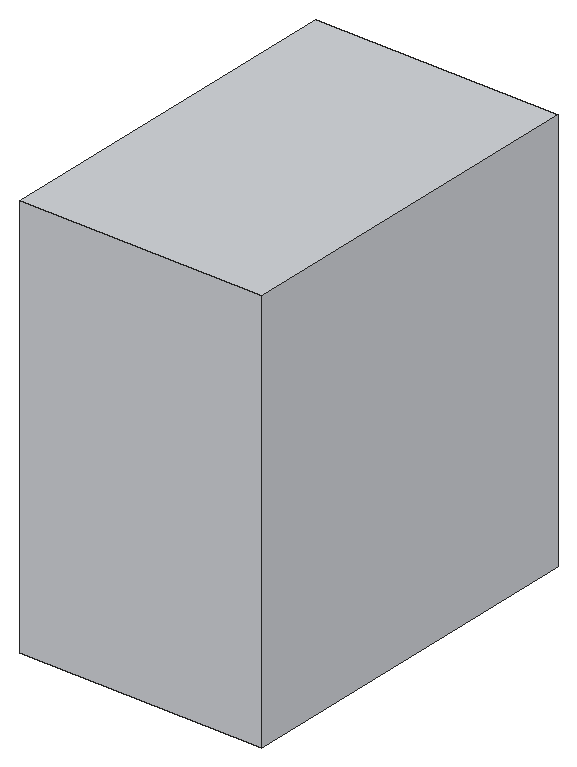
Revit family
Parameters
  Warranty Duration (Years) = 0
  Unit Width [instance] = 1' - 4 1/16"
  Unit Height [instance] = 3' - 5 1/4"
  Unit Depth = 0' - 0 1/2"
  URL = "http://www.americanspecialties.com/viewCategories.cfm"
  Trim Material = Metal - Stainless Steel
  Test Data = ""
  Specification = "http://www.arcat.com/sdspecs/htm/10810asi.htm"
  SpecWizard = ""
  Send Message = "http://www.arcat.com/users.pl?action=UserEmail&company=American%20Specialties,%20Inc.&coid=30448&rep=139&fax=914-476-0688&mf="
  Sales Information = "http://www.americanspecialties.com/contact"
  Revision = "R1_10-2010"
  Product Properties = "http://www.americanspecialties.com/datasheets/64696A-9.pdf"
  Product Data = "http://www.arcat.com/arcatcos/cos30/arc30448.html"
  Model = "As Specified in 10 28 13"
  Manufacturer Website = "http://www.americanspecialties.com/viewCategories.cfm"
  Manufacturer Phone - Toll Free = ""
  Manufacturer Phone = "914-476-9000 "
  Manufacturer Fax = "914-476-0688"
  Manufacturer Address = "441 Saw Mill River Rd., Yonkers, NY 10701"
  Manufacturer = "American Specialties, Inc."
  Maintenance Schedule (Months) = 0
  Keynote = "10 28 13"
  Installation-Fabrication = "http://www.americanspecialties.com/products.cfm"
  Green Building-LEED = ""
  Expected Lifespan (Years) = 0
  Drawn By = "Robert S. Weygant. CSI, CDT, SCIP"  # constant formula
  Description = "Toilet Accessory as Specified in 10 28 13"
  Default Elevation = 4' - 0"
  Copyright = "©Arcat Inc."
  Construction Details = "http://www.arcat.com/green/clients/leed_data_30448.html"
  Building Codes = "http://www.americanspecialties.com/products.cfm"
  Body Material = Metal - Stainless Steel
  Assembly Code = "C1030210"
Reference planes (in)
  plane 1 "Center (Front/Back)": y = -0.29112
  plane 2 "Floor Line": z = 0
  plane 3 "Center (Left/Right)": x = -0.65843
Forms (in)
  Extrusion 1, solid
    sketch origin (-3, -9, -6) x (0, 0, -1) y (1, 0, 0)
      loop
        line (-82, 26) -> (-82, -19.34712) -> (-6, -19.34712) -> (-6, 26) -> (-82, 26)
    from 28.29112 to -41.06337
  Extrusion 2, solid, material "Metal - Stainless Steel" <- "Body Material"
    sketch origin (0, 0, 9.125) x (1, 0, 0) y (0, 1, 0)
      loop
        line (-7.68968, 19.33388) -> (-7.68968, -19.91612) -> (6.37282, -19.91612) -> (6.37282, 19.33388) -> (-7.68968, 19.33388)
    from 0 to -9.125
  Extrusion 3, solid, material "Metal - Stainless Steel" <- "Body Material"
    sketch origin (-0.90625, -0.29112, 9.125) x (1, 0, 0) y (0, 0, 1)
      loop
        line (-7.78343, 0) -> (8.27907, 0) -> (8.27907, 0.5) -> (-7.78343, 0.5) -> (-7.78343, 0)
    from -20.625 to 20.625
  Extrusion 4, solid, material "Metal - Stainless Steel" <- "Trim Material"
    sketch origin (0, 0, 8.6875) x (1, 0, 0) y (0, 1, 0)
      loop
        circle (5.37282, 11.83388) r 0.5
      loop
        line (5.316, 11.41524) -> (5.42963, 11.41524) -> (5.42963, 12.26475) -> (5.316, 12.26475) -> (5.316, 11.41524)
      loop
        circle (5.37282, -12.41612) r 0.5
      loop
        line (5.316, -11.99747) -> (5.316, -12.84698) -> (5.42963, -12.84698) -> (5.42963, -11.99747) -> (5.316, -11.99747)
    from 0.9375 to 1
  Extrusion 5, void
    sketch origin (-0.65843, 0, 9.125) x (0, 1, 0) y (0, 0, 1)
      loop
        line (6.70888, 0.5) -> (-1.79112, 0.5) -> (-1.79112, -8.72533) -> (6.70888, -8.72533) -> (6.70888, 0.5)
    from -6.03125 to 6.03125
  Extrusion 6, solid, material "Metal - Stainless Steel" <- "Body Material"
    sketch origin (0, 0, 3.125) x (1, 0, 0) y (0, 1, 0)
      loop
        line (-8.68968, 20.33388) -> (-8.68968, -20.91612) -> (7.37282, -20.91612) -> (7.37282, 20.33388) -> (-8.68968, 20.33388)
      loop
        line (-7.68968, 19.33388) -> (-7.68968, -19.91612) -> (6.37282, -19.91612) -> (6.37282, 19.33388) -> (-7.68968, 19.33388)
    from -3.125 to 6
  Extrusion 7, solid, material "Metal - Stainless Steel" <- "Body Material"
    sketch origin (0, 0, 3.125) x (1, 0, 0) y (0, 1, 0)
      loop
        line (-6.68968, 6.70888) -> (-6.68968, 4.20888) -> (5.37282, 4.20888) -> (5.37282, 6.70888) -> (4.87282, 6.70888) -> (4.41108, 4.70888) -> (-5.72795, 4.70888) -> (-6.18968, 6.70888) -> (-6.68968, 6.70888)
    from 0 to 6
  Extrusion 8, solid, material "Metal - Stainless Steel" <- "Body Material"
    sketch origin (0, 0, 0) x (1, 0, 0) y (0, 1, 0)
      loop
        line (-6.68968, 6.70888) -> (-6.68968, 4.20888) -> (5.37282, 4.20888) -> (5.37282, 6.70888) -> (4.87282, 6.70888) -> (4.41108, 4.70888) -> (-5.72795, 4.70888) -> (-6.18968, 6.70888) -> (-6.68968, 6.70888)
    from 9.125 to 0.39967
Cuts and joins
  Extrusion 5 cuts Extrusion 2
  Extrusion 5 cuts Extrusion 3
  Extrusion 5 cuts Extrusion 4
  Extrusion 5 cuts Extrusion 6
  Extrusion 5 cuts Extrusion 7
Dimensions and locks (in)
  Extrusion 3 sketch curve to Extrusion 3 sketch curve = 1' - 4 1/16"
  Extrusion 3 sketch curve to Extrusion 3 sketch curve = 0' - 0 1/2"
  aligned and locked: Extrusion 1 to level
